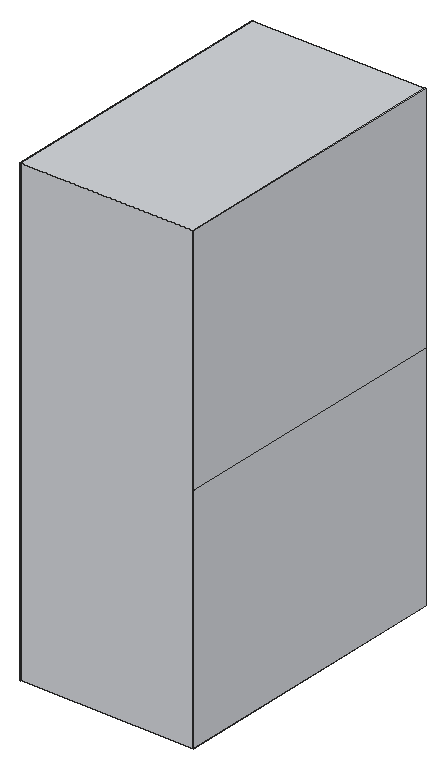
Revit family "XXX_RLT-Gerät_Kreuzstromwärmetauscher", category HLS-Bauteile, Revit 2014
Parameters (values of type "Allgemein")
  Breite = 500 mm
  Druckverlust [instance] = 0.00 in-wg
  Länge = 300 mm
  Höhe = 800 mm
  Anschlussbreite = Breite  # 500 mm
  Anschlusshöhe = Höhe / 2  # 400 mm
  Widerstandsbeiwert [instance] = 0
Reference planes
  plane 1 "Mitte (Vorne/Hinten)": y = 0
  plane 2: z = 0
  plane 3 "Mitte (Links/Rechts)": x = 0
  plane 4: y = 250
  plane 5: y = -250
  plane 6: x = -150
  plane 7: x = 150
  plane 8: z = 400
  plane 9: z = -400
  plane 10: x = -149
  plane 11: x = 149
  plane 12: z = 200
  plane 13: z = -200
  plane 14: y = 125
  plane 15: y = -125
  plane 16: x = -75
  plane 17: x = 75
Forms (mm)
  Extrusion 1, solid, detail levels medium+fine
    sketch origin (-150, 397.271, 1219.2) x (0, 1, 0) y (0, 0, 1)
      loop
        line (-147.271, -819.2) -> (-647.271, -819.2) -> (-647.271, -1619.2) -> (-147.271, -1619.2) -> (-147.271, -819.2)
    from 0 to 300
  Extrusion 2, solid, detail levels medium+fine
    sketch origin (-149, 315.113, 1219.2) x (0, 1, 0) y (0, 0, 1)
      loop
        line (-65.113, -819.2) -> (-565.113, -819.2) -> (-565.113, -1219.2) -> (-65.113, -1219.2) -> (-65.113, -819.2)
    from 0 to -1
  Extrusion 3, solid, detail levels medium+fine
    sketch origin (-132.975, 315.113, 1219.2) x (0, 1, 0) y (0, 0, 1)
      loop
        line (-65.113, -1219.2) -> (-565.113, -1219.2) -> (-565.113, -1619.2) -> (-65.113, -1619.2) -> (-65.113, -1219.2)
    from -16.025 to -17.025
  Extrusion 4, solid, detail levels medium+fine
    sketch origin (149, 290.368, 1219.2) x (0, 1, 0) y (0, 0, 1)
      loop
        line (-40.368, -819.2) -> (-540.368, -819.2) -> (-540.368, -1219.2) -> (-40.368, -1219.2) -> (-40.368, -819.2)
    from 0 to 1
  Extrusion 5, solid, detail levels medium+fine
    sketch origin (149, 290.368, 1219.2) x (0, 1, 0) y (0, 0, 1)
      loop
        line (-40.368, -1219.2) -> (-540.368, -1219.2) -> (-540.368, -1619.2) -> (-40.368, -1619.2) -> (-40.368, -1219.2)
    from 0 to 1
Lines and regions (mm)
  model lines, detail levels coarse
    curve 1: line (-150, 250, 0) -> (150, 250, 0)
    curve 2: line (-150, -250, 0) -> (-150, 250, 0)
    curve 3: line (150, -250, 0) -> (-150, -250, 0)
    curve 4: line (150, 250, 0) -> (150, -250, 0)
    curve 5: line (-150, 0, 400) -> (150, 0, 400)
    curve 6: line (-150, 0, -400) -> (-150, 0, 400)
    curve 7: line (150, 0, -400) -> (-150, 0, -400)
    curve 8: line (150, 0, 400) -> (150, 0, -400)
    curve 9: line (0, 250, 400) -> (0, -250, 400)
    curve 10: line (0, 250, -400) -> (0, 250, 400)
    curve 11: line (0, -250, -400) -> (0, 250, -400)
    curve 12: line (0, -250, 400) -> (0, -250, -400)
    curve 13: line (-75, 0, 0) -> (0, -125, 0)
    curve 14: line (0, -125, 0) -> (75, 0, 0)
    curve 15: line (75, 0, 0) -> (0, 125, 0)
    curve 16: line (0, 125, 0) -> (-75, 0, 0)
    curve 17: line (-150, 125, 0) -> (-75, 125, 0)
    curve 18: line (150, 125, 0) -> (75, 125, 0)
    curve 19: line (75, -125, 0) -> (150, -125, 0)
    curve 20: line (-150, -125, 0) -> (-75, -125, 0)
    curve 21: line (-75, -125, 0) -> (75, 125, 0)
    curve 22: line (-75, 125, 0) -> (75, -125, 0)
    curve 53: line (-75, 0, 200) -> (75, 0, -200)
    curve 54: line (-75, 0, -200) -> (75, 0, 200)
    curve 55: line (-150, 0, 200) -> (-75, 0, 200)
    curve 56: line (75, 0, 200) -> (150, 0, 200)
    curve 57: line (-150, 0, -200) -> (-75, 0, -200)
    curve 58: line (75, 0, -200) -> (150, 0, -200)
  model lines
    curve 23: line (-150, 125, 400) -> (-75, 125, 400)
    curve 24: line (75, 125, 400) -> (150, 125, 400)
    curve 25: line (75, -125, 400) -> (150, -125, 400)
    curve 26: line (-150, -125, 400) -> (-75, -125, 400)
    curve 27: line (-75, 0, 400) -> (0, 125, 400)
    curve 28: line (0, 125, 400) -> (75, 0, 400)
    curve 29: line (75, 0, 400) -> (0, -125, 400)
    curve 30: line (0, -125, 400) -> (-75, 0, 400)
    curve 31: line (-75, -125, 400) -> (75, 125, 400)
    curve 32: line (-75, 125, 400) -> (75, -125, 400)
    curve 33: line (-150, -250, 200) -> (-75, -250, 200)
    curve 34: line (75, -250, 200) -> (150, -250, 200)
    curve 35: line (-150, -250, -200) -> (-75, -250, -200)
    curve 36: line (75, -250, -200) -> (150, -250, -200)
    curve 37: line (-75, -250, 0) -> (0, -250, 200)
    curve 38: line (0, -250, 200) -> (75, -250, 0)
    curve 39: line (75, -250, 0) -> (0, -250, -200)
    curve 40: line (0, -250, -200) -> (-75, -250, 0)
    curve 41: line (-75, -250, 200) -> (75, -250, -200)
    curve 42: line (-75, -250, -200) -> (75, -250, 200)
    curve 43: line (150, 250, 200) -> (75, 250, 200)
    curve 44: line (-75, 250, 200) -> (-150, 250, 200)
    curve 45: line (-75, 250, -200) -> (-150, 250, -200)
    curve 46: line (150, 250, -200) -> (75, 250, -200)
    curve 47: line (75, 250, 0) -> (0, 250, 200)
    curve 48: line (0, 250, 200) -> (-75, 250, 0)
    curve 49: line (-75, 250, 0) -> (0, 250, -200)
    curve 50: line (0, 250, -200) -> (75, 250, 0)
    curve 51: line (75, 250, 200) -> (-75, 250, -200)
    curve 52: line (75, 250, -200) -> (-75, 250, 200)
Dimensions and locks
  "Länge": plane 6 to plane 7
  "Höhe": plane 8 to plane 9
  "Breite": plane 5 to plane 4
  locked: plane 6 to plane 10 at 1
  locked: plane 11 to plane 7 at 1
  equal spacing: plane 8, plane 12, level, plane 13, plane 9
  equal spacing: plane 4, plane 14, plane 1 "Mitte (Vorne/Hinten)", plane 15, plane 5
  equal spacing: plane 6, plane 16, plane 3 "Mitte (Links/Rechts)", plane 17, plane 7
  aligned and locked: plane 2 to level
  aligned and locked: plane 7 to Extrusion 1
  aligned and locked: Extrusion 1 to plane 6
  aligned and locked: plane 8 to Extrusion 1
  aligned and locked: plane 9 to Extrusion 1
  aligned and locked: Extrusion 1 to plane 5
  aligned and locked: plane 4 to Extrusion 1
  aligned and locked: curve 1 to Extrusion 1
  aligned and locked: curve 3 to Extrusion 1
  aligned and locked: curve 4 to Extrusion 1
  aligned and locked: curve 5 to Extrusion 1
  aligned and locked: curve 7 to Extrusion 1
  aligned and locked: curve 8 to Extrusion 1
  aligned and locked: curve 9 to Extrusion 1
  aligned and locked: curve 11 to Extrusion 1
  aligned and locked: Extrusion 2 sketch curve to curve 9
  aligned and locked: curve 10 to Extrusion 2 sketch curve
  aligned and locked: Extrusion 2 sketch curve to curve 2
  aligned and locked: Extrusion 2 sketch curve to curve 12
  aligned and locked: Extrusion 3 sketch curve to curve 2
  aligned and locked: Extrusion 3 sketch curve to Extrusion 2
  aligned and locked: Extrusion 3 sketch curve to curve 11
  aligned and locked: curve 12 to Extrusion 3 sketch curve
  aligned and locked: Extrusion 2 to plane 6
  aligned and locked: plane 10 to Extrusion 2
  aligned and locked: Extrusion 3 to plane 10
  aligned and locked: Extrusion 3 to plane 6
  aligned and locked: Extrusion 4 sketch curve to curve 9
  aligned and locked: curve 10 to Extrusion 4 sketch curve
  aligned and locked: Extrusion 4 sketch curve to curve 2
  aligned and locked: Extrusion 4 sketch curve to Extrusion 3
  aligned and locked: Extrusion 5 sketch curve to curve 2
  aligned and locked: Extrusion 5 sketch curve to Extrusion 3
  aligned and locked: Extrusion 5 sketch curve to curve 11
  aligned and locked: curve 12 to Extrusion 5 sketch curve
  aligned and locked: Extrusion 4 to plane 11
  aligned and locked: plane 7 to Extrusion 4
  aligned and locked: Extrusion 5 to plane 11
  aligned and locked: plane 7 to Extrusion 5
  aligned and locked: curve 20 to plane 15
  aligned and locked: curve 19 to plane 15
  aligned and locked: curve 17 to plane 14
  aligned and locked: plane 14 to curve 18
  aligned and locked: plane 16 to curve 17
  aligned and locked: plane 17 to curve 18
  aligned and locked: plane 6 to curve 17
  aligned and locked: plane 7 to curve 18
  aligned and locked: plane 17 to curve 19
  aligned and locked: plane 6 to curve 20
  aligned and locked: plane 16 to curve 20
  aligned and locked: curve 26 to plane 15
  aligned and locked: curve 25 to plane 15
  aligned and locked: curve 23 to plane 14
  aligned and locked: curve 24 to plane 14
  aligned and locked: plane 6 to curve 23
  aligned and locked: plane 16 to curve 23
  aligned and locked: plane 17 to curve 24
  aligned and locked: plane 7 to curve 24
  aligned and locked: plane 17 to curve 25
  aligned and locked: plane 7 to curve 25
  aligned and locked: plane 6 to curve 26
  aligned and locked: plane 16 to curve 26
  aligned and locked: curve 35 to plane 13
  aligned and locked: curve 36 to plane 13
  aligned and locked: curve 33 to plane 12
  aligned and locked: curve 34 to plane 12
  aligned and locked: plane 17 to curve 34
  aligned and locked: plane 7 to curve 34
  aligned and locked: plane 17 to curve 36
  aligned and locked: plane 7 to curve 36
  aligned and locked: plane 6 to curve 35
  aligned and locked: plane 16 to curve 35
  aligned and locked: plane 16 to curve 33
  aligned and locked: plane 6 to curve 33
  aligned and locked: curve 43 to plane 12
  aligned and locked: curve 44 to plane 12
  aligned and locked: curve 46 to plane 13
  aligned and locked: curve 45 to plane 13
  aligned and locked: plane 16 to curve 45
  aligned and locked: plane 16 to curve 44
  aligned and locked: plane 17 to curve 43
  aligned and locked: plane 17 to curve 46
  aligned and locked: plane 7 to curve 46
  aligned and locked: plane 7 to curve 43
  aligned and locked: plane 6 to curve 44
  aligned and locked: plane 6 to curve 45
  aligned and locked: curve 57 to plane 13
  aligned and locked: curve 58 to plane 13
  aligned and locked: curve 56 to plane 12
  aligned and locked: curve 55 to plane 12
  aligned and locked: plane 16 to curve 55
  aligned and locked: plane 16 to curve 57
  aligned and locked: plane 17 to curve 58
  aligned and locked: plane 17 to curve 56
  aligned and locked: plane 7 to curve 56
  aligned and locked: plane 6 to curve 57
  aligned and locked: plane 6 to curve 55
Automatic sketch dimensions
  Extrusion 1 sketch curve to plane 5 = 0 mm
  Extrusion 1 sketch curve to plane 4 = 0 mm
  plane 9 to Extrusion 1 sketch curve = 0 mm
  Extrusion 1 sketch curve to plane 8 = 0 mm
  curve 9 to plane 5 = 0 mm
  curve 11 to plane 4 = 0 mm
  plane 1 "Mitte (Vorne/Hinten)" to curve 13 = 0 mm
  curve 13 to plane 16 = 0 mm
  curve 15 to plane 3 "Mitte (Links/Rechts)" = 0 mm
  curve 13 to plane 3 "Mitte (Links/Rechts)" = 0 mm
  plane 1 "Mitte (Vorne/Hinten)" to curve 15 = 0 mm
  curve 15 to plane 17 = 0 mm
  curve 13 to plane 15 = 0 mm
  curve 16 to plane 14 = 0 mm
  curve 30 to plane 3 "Mitte (Links/Rechts)" = 0 mm
  curve 30 to plane 15 = 0 mm
  plane 1 "Mitte (Vorne/Hinten)" to curve 29 = 0 mm
  plane 1 "Mitte (Vorne/Hinten)" to curve 30 = 0 mm
  curve 27 to plane 3 "Mitte (Links/Rechts)" = 0 mm
  curve 27 to plane 14 = 0 mm
  curve 28 to plane 17 = 0 mm
  curve 30 to plane 16 = 0 mm
  curve 40 to level = 0 mm
  curve 40 to plane 16 = 0 mm
  curve 40 to plane 3 "Mitte (Links/Rechts)" = 0 mm
  curve 37 to plane 3 "Mitte (Links/Rechts)" = 0 mm
  curve 38 to level = 0 mm
  curve 38 to plane 17 = 0 mm
  curve 40 to plane 13 = 0 mm
  curve 38 to plane 12 = 0 mm
  curve 50 to level = 0 mm
  curve 50 to plane 17 = 0 mm
  curve 50 to plane 3 "Mitte (Links/Rechts)" = 0 mm
  curve 47 to plane 3 "Mitte (Links/Rechts)" = 0 mm
  curve 48 to level = 0 mm
  curve 48 to plane 16 = 0 mm
  curve 50 to plane 13 = 0 mm
  curve 48 to plane 12 = 0 mm
Connectors
  hvac at (-150, 0, -200), driven by "Anschlusshöhe", driven by "Anschlussbreite", driven by "Widerstandsbeiwert"
    settings: on Extrusion 3, index 1, duct flow 0 CFM, flow factor 0, pres drop 0.00 in-wg, loss coef 0, conn angle 0.00°, conn width 500 mm, conn height 400 mm, conn diameter 609.6 mm, duct sys type 29, conn prof type 1, flow config 0, flow direction 0, loss method 6, conn ref index 4, conn util no, is conn primary yes, conn desc ""
  hvac at (150, 0, -200), driven by "Anschlusshöhe", driven by "Anschlussbreite", driven by "Widerstandsbeiwert"
    settings: on Extrusion 5, index 2, duct flow 0 CFM, flow factor 0, pres drop 0.00 in-wg, loss coef 0, conn angle 0.00°, conn width 500 mm, conn height 400 mm, conn diameter 609.6 mm, duct sys type 29, conn prof type 1, flow config 0, flow direction 0, loss method 6, conn ref index 3, conn util no, is conn primary no, conn desc ""
  hvac at (-150, 0, 200), driven by "Anschlussbreite", driven by "Anschlusshöhe", driven by "Widerstandsbeiwert"
    settings: on Extrusion 2, index 3, duct flow 0 CFM, flow factor 0, pres drop 0.00 in-wg, loss coef 0, conn angle 0.00°, conn width 500 mm, conn height 400 mm, conn diameter 609.6 mm, duct sys type 29, conn prof type 1, flow config 0, flow direction 0, loss method 6, conn ref index 2, conn util no, is conn primary no, conn desc ""
  hvac at (150, 0, 200), driven by "Anschlussbreite", driven by "Anschlusshöhe", driven by "Widerstandsbeiwert"
    settings: on Extrusion 4, index 4, duct flow 0 CFM, flow factor 0, pres drop 0.00 in-wg, loss coef 0, conn angle 0.00°, conn width 500 mm, conn height 400 mm, conn diameter 609.6 mm, duct sys type 29, conn prof type 1, flow config 0, flow direction 0, loss method 6, conn ref index 1, conn util no, is conn primary no, conn desc ""
